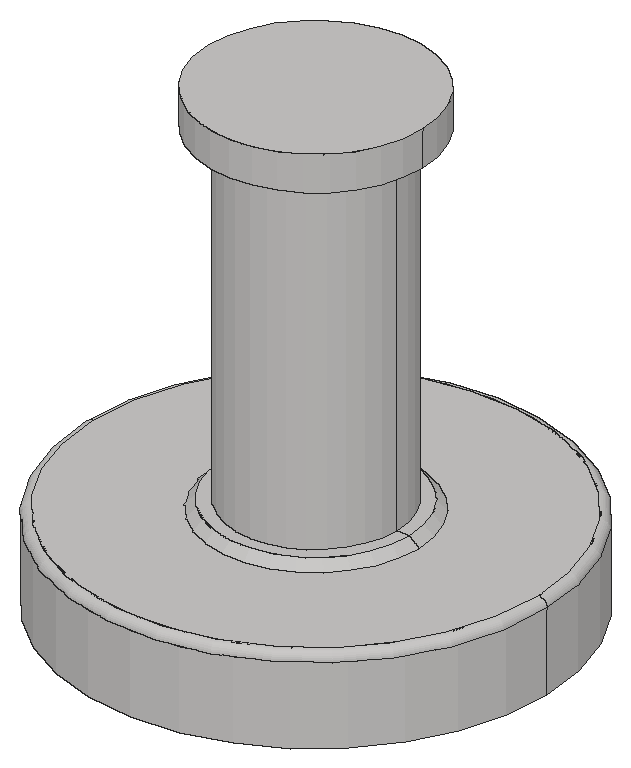
Revit family "PRD_FrankeWS_ClthsHks_MEDIUSRobeHook_MEDX010HP", category Specialty Equipment, host Face, Revit 2018
Family settings
  Host = Face
  Round Connector Dimension = Use Diameter
  Part Type = Normal
  OmniClass Number = 23.40.20.21.31
  OmniClass Title = Robe Hooks
  Cut with Voids When Loaded = No
  Shared = No
  Room Calculation Point = No
Parameters (values of type "MEDX010HP")
  WarrantyStartDate [instance] = "1900-12-31T23:59:59"
  WarrantyGuarantorParts = "n/a"
  WarrantyGuarantorLabor = "n/a"
  WarrantyDurationUnit = "year"
  WarrantyDurationParts = "n/a"
  WarrantyDurationLabor = "n/a"
  WarrantyDescription = "n/a"
  Version = "1"
  Uniclass2015Version = "Products v1.17"
  Uniclass2015Title = "Clothes hooks"
  Uniclass2015Code = "Pr_40_30_78_15"
  URL = "www.kwc.com"
  TypeOfMounting = "Wall mounting"
  TypeOfFixing = "Screw"
  TagNumber [instance] = "n/a"
  SustainabilityPerformance = "n/a"
  Style = "Hook"
  Size = "54 x 54 x 55 mm"
  Shape = "n/a"
  SerialNumber [instance] = "n/a"
  Revision = "n/a"
  ReplacementCost = "n/a"
  ProductInformation = "https://pim.kwc.com/product/2000106255/attachment/datasheet?locale=en"
  NumberOfHooks = "1"
  NominalWidth = 54.00 mm
  NominalHeight = 54.00 mm
  NominalDepth = 55.00 mm
  NetWeight = 0.12 kg
  Name = "Robe hook MEDX010HP"
  NBSTypeID = "n/a"
  NBSReference = "45-35-72/322"
  NBSOfficeMasterTag = "n/a"
  NBSNote = "n/a"
  NBSDescription = "Clothes hooks"
  NBSCertification = "n/a"
  ModelReference = "MEDX010HP"
  ModelNumber = "2000106255"
  Model = ModelReference  # "MEDX010HP"
  MaterialCode = "1.4301"
  Material = "stainless steel"
  ManufacturerURL = "www.kwc.com"
  ManufacturerName = "KWC Group AG"  # constant formula
  Manufacturer = ManufacturerName  # "KWC Group AG"
  MainColor = "stainless steel"
  IsBuiltIn = "TRUE"
  IntegralAccessories = "incl. stainless steel screws and dowels"
  InstallationDate [instance] = "1900-12-31T23:59:59"
  IfcExportType = "USERDEFINED"
  IfcExportAs = "IfcFurnitureType"
  HookMaterial = PRD_AR_StainlessSteel_HighPolished
  GrossWeight = 0.16 kg
  Grade = "n/a"
  Finish = "high polished"
  Features = "stainless steel, high polished"
  ExpectedLife = "n/a"
  DurationUnit = "year"
  Description = "Single robe hook for wall mounting, 304 stainless steel, round cover to conceal the fixing of screws, inclusive stainless steel screws and dowels."
  Default Elevation = 1600.00 mm
  CreateOn = "05/2020"  # constant formula
  Constituents = "n/a"
  Color = "n/a"
  CodePerformance = "n/a"
  Category = "Pr_40_30_78_15, Clothes hooks"
  BarCode [instance] = "n/a"
  BIMObjectName = "PRD_AR_ClothesHooks_MEDIUSRobeHook_MEDX010HP"
  Author = "Archispace"  # constant formula
  AssetType = "Fixed"
  AssetIdentifier [instance] = "n/a"
  AccessibilityPerformance = "n/a"
Reference planes
  plane 1 "Center (Front/Back)": y = 0
  plane 2: z = 0
  plane 3 "Center (Left/Right)": x = 0
  plane 4: y = 27
  plane 5: y = -27
Forms (mm)
  Extrusion 1, solid, material "PRD_AR_StainlessSteel_HighPolished" <- "HookMaterial", detail levels fine
    sketch origin (273, 0, 0) x (1, 0, 0) y (0, 1, 0)
      loop
        circle (-273, 0) r 27
    from 0 to 10
  Extrusion 2, solid, material "PRD_AR_StainlessSteel_HighPolished" <- "HookMaterial", detail levels medium
    sketch origin (273, 0, 0) x (1, 0, 0) y (0, 1, 0)
      loop
        circle (-273, 0) r 27
    from 0 to 10
  Extrusion 3, solid, material "PRD_AR_StainlessSteel_HighPolished" <- "HookMaterial", detail levels coarse
    sketch origin (340, 0, 0) x (1, 0, 0) y (0, 1, 0)
      loop
        circle (-340, 0) r 27
    from 0 to 54
  Extrusion 4, solid, material "PRD_AR_StainlessSteel_HighPolished" <- "HookMaterial", detail levels fine
    sketch origin (0, 0, 0) x (1, 0, 0) y (0, 1, 0)
      loop
        circle (0, 0) r 9.5
    from 11 to 50
  Extrusion 5, solid, material "PRD_AR_StainlessSteel_HighPolished" <- "HookMaterial", detail levels fine
    sketch origin (0, 0, 0) x (1, 0, 0) y (0, 1, 0)
      loop
        circle (0, 0) r 12.5
    from 50 to 54
  Sweep 6, void
    path in 3D
      loop
        arc (27, 0, 10) -> (0, -27, 10) -> (-27, 0, 10) r 27
        arc (-27, 0, 10) -> (0, 27, 10) -> (27, 0, 10) r 27
    profile origin (0, 27, 10) x (0, 1, 0) y (0, 0, 1)
      loop
        line (0, 0) -> (-1, 0)
        arc (-1, 0) -> (-0.293, -0.293) -> (0, -1) r 1
        line (0, -1) -> (0, 0)
  Extrusion 7, solid, material "PRD_AR_StainlessSteel_HighPolished" <- "HookMaterial", detail levels medium
    sketch origin (0, 0, 0) x (1, 0, 0) y (0, 1, 0)
      loop
        circle (0, 0) r 12.5
    from 10 to 54
  Revolve 8, solid, material "PRD_AR_StainlessSteel_HighPolished" <- "HookMaterial", detail levels fine
    sketch origin (0, 0, 0) x (1, 0, 0) y (0, 0, 1)
      loop
        line (0, 10) -> (0, 11) -> (-11, 11) -> (-12, 10) -> (0, 10)
      axis (0, 11) -> (0, 10)
    angle from 0 to 360
Cuts and joins
  Sweep 6 cuts Extrusion 1
Lines and regions (mm)
  sketch lines
    curve 1: arc (-27, 0, 10) -> (0, 27, 10) -> (27, 0, 10) r 27
    curve 2: arc (27, 0, 10) -> (0, -27, 10) -> (-27, 0, 10) r 27
Dimensions and locks
  plane 1 "Center (Front/Back)" to plane 5 = 27.00 mm
  plane 1 "Center (Front/Back)" to plane 4 = 27.00 mm
  aligned and locked: plane 2 to host face
  aligned and locked: level to host face
